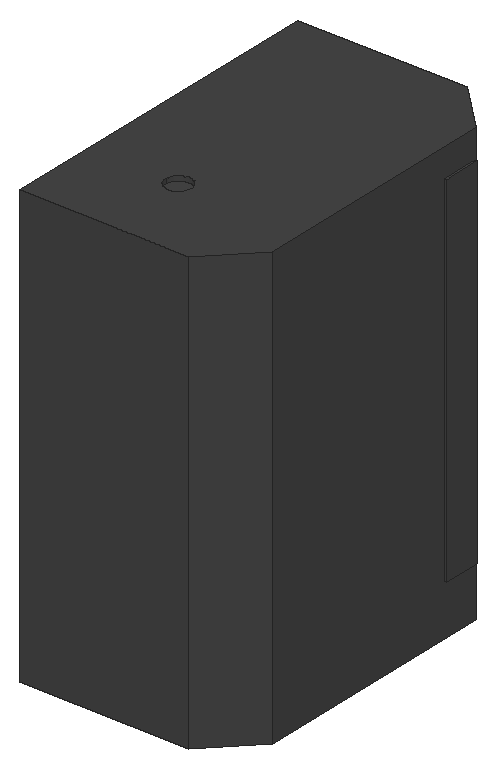
Revit family "SP4180_REVIT", category Mechanical Equipment, Revit 2014
Parameters (values of type "Standard")
  d31 = 0' - 0"
  d23 = 0' - 0"
  d21 = 0' - 0"
  d17 = 0' - 0"
  URL = "www.neptronic.com"
  Part Number = "SP4180_REVIT"
  Model = "SK302, SK304, SK306"
  Manufacturer = "Neptronic"
  Extrusion_End_2 = -d21  # 0' - 0"
  Extrusion_End_1 = -d17  # 0' - 0"
  Designer = "Antoine"
  Design Status = 1
  Description = "Electric Resistive Humidifier"
  Date Created = "2014-06-25 15:40:32"
  Connector_7_Diameter = 0' - 0"
  Connector_4_Diameter = 0' - 0"
  Connector_3_Diameter = 0' - 0"
  Connector_2_Diameter = 0' - 0"
  Author = "Antoine"
Reference planes (in)
  plane 1 "Center (Front/Back)": y = 0
  plane 2: z = 0
  plane 3 "Center (Left/Right)": x = 0
  plane 4: z = 28.01868
Forms (in)
  Sweep 1, solid
    path in 3D
      loop
        line (-2.17535, 8.63093, 28.01868) -> (-2.17535, 8.63093, 4.49868)
    profile origin (-2.17535, 8.63093, 28.01868) x (1, 0, 0) y (0, 1, 0)
      loop
        line (0, 18.50918) -> (0, 0) -> (8.99827, 0) -> (11.50019, 2.50192) -> (11.50019, 16.01644) -> (9.00745, 18.50918) -> (0, 18.50918)
  Extrusion 2, void
    sketch origin (-2.17535, 8.63093, 4.49868) x (0, -1, 0) y (-1, 0, 0)
      loop
        circle (-15.875, -8) r 0.4375
      loop
        circle (-15.875, -3.75) r 0.4375
      loop
        circle (-10.187, -2) r 0.439
      loop
        circle (-11.937, -2) r 0.5315
    from 0 to -0.25
  Extrusion 3, void
    sketch origin (-2.17535, 8.63093, 28.01868) x (0, -1, 0) y (1, 0, 0)
      loop
        circle (-4.55903, 4.79985) r 0.695
    from 0 to -0.25
  Extrusion 4, solid
    sketch origin (-2.17535, 8.63093, 4.49868) x (0, -1, 0) y (-1, 0, 0)
      loop
        circle (-4.125, -9.125) r 0.5315
    from 0 to 0.25
  Extrusion 5, solid
    sketch origin (9.32484, 11.13285, 28.01868) x (0, 0, -1) y (0, 1, 0)
      loop
        line (20.75, 13.38952) -> (1.5, 13.38952) -> (1.5, 11.38952) -> (20.75, 11.38952) -> (20.75, 13.38952)
    from 0 to 0.125
Cuts and joins
  Extrusion 2, Extrusion 3 cuts Sweep 1
  joined: Sweep 1, Extrusion 4, Extrusion 5
Lines and regions (in)
  reference lines
    curve 1: line (-2.17535, 27.14011, 28.01868) -> (-2.17535, 8.63093, 28.01868)
    curve 2: line (-2.17535, 8.63093, 28.01868) -> (6.82292, 8.63093, 28.01868)
    curve 3: line (6.82292, 8.63093, 28.01868) -> (9.32484, 11.13285, 28.01868)
    curve 4: line (9.32484, 11.13285, 28.01868) -> (9.32484, 24.64737, 28.01868)
    curve 5: line (9.32484, 24.64737, 28.01868) -> (6.8321, 27.14011, 28.01868)
    curve 6: line (6.8321, 27.14011, 28.01868) -> (-2.17535, 27.14011, 28.01868)
    curve 7: line (-2.17535, 8.63093, 28.01868) -> (-2.17535, 8.63093, 4.49868)
    curve 8: line (-2.17535, 8.63093, 28.01868) -> (-2.17535, 8.63093, 4.49868)
    curve 10: circle (5.82465, 24.50593, 4.49868) r 0.4375 normal (0, 0, -1)
    curve 11: circle (1.57465, 24.50593, 4.49868) r 0.4375 normal (0, 0, -1)
    curve 12: circle (-0.17535, 18.81793, 4.49868) r 0.439 normal (0, 0, -1)
    curve 13: circle (-0.17535, 20.56793, 4.49868) r 0.5315 normal (0, 0, -1)
    curve 14: circle (2.6245, 13.18996, 28.01868) r 0.695 normal (0, 0, 1)
    curve 15: circle (6.94965, 12.75593, 4.49868) r 0.5315 normal (0, 0, -1)
    curve 16: line (9.32484, 24.52237, 7.26868) -> (9.32484, 24.52237, 26.51868)
    curve 17: line (9.32484, 24.52237, 26.51868) -> (9.32484, 22.52237, 26.51868)
    curve 18: line (9.32484, 22.52237, 26.51868) -> (9.32484, 22.52237, 7.26868)
    curve 19: line (9.32484, 22.52237, 7.26868) -> (9.32484, 24.52237, 7.26868)
  sketch lines
    curve 9: line (-2.17535, 8.63093, 28.01868) -> (-2.17535, 8.63093, 4.49868)
Dimensions and locks (in)
  aligned and locked: plane 2 to level
  aligned and locked: Sweep 1 sketch curve to curve 1
  aligned and locked: Sweep 1 sketch curve to curve 2
  aligned and locked: Sweep 1 sketch curve to curve 3
  aligned and locked: Sweep 1 sketch curve to curve 4
  aligned and locked: Sweep 1 sketch curve to curve 5
  aligned and locked: Sweep 1 sketch curve to curve 6
  aligned and locked: curve 9 to curve 7
  aligned and locked: Extrusion 2 sketch curve to curve 10  (x2)
  aligned and locked: Extrusion 2 sketch curve to curve 11  (x2)
  aligned and locked: Extrusion 2 sketch curve to curve 12  (x2)
  aligned and locked: Extrusion 2 sketch curve to curve 13  (x2)
  aligned and locked: Extrusion 3 sketch curve to curve 14  (x2)
  aligned and locked: Extrusion 4 sketch curve to curve 15  (x2)
  aligned and locked: Extrusion 5 sketch curve to curve 16
  aligned and locked: Extrusion 5 sketch curve to curve 17
  aligned and locked: Extrusion 5 sketch curve to curve 18
  aligned and locked: Extrusion 5 sketch curve to curve 19
Connectors (in)
  piping at (6.94965, 12.75593, 4.24868), driven by "Connector_2_Diameter"
    settings: on cut or joined group of Sweep 1, Extrusion 2, Extrusion 3, Extrusion 4, Extrusion 5, index 1, connector diameter 0", connector inside diameter 24", connector length 0' - 0", flow factor 0, pipe flow 0 GPM, pressure drop 0.00 psi, fitting loss kfactor 0, connector angle 0.00°, fixture units 0, engagement length 0' - 0", angle of deflection 0.00°, flow configuration 1, flow direction 1, fitting loss method 0, system type 20, joint type 0, gender type 0, connector reference index -1, connector utility 0, adjustable connector no, is connector primary yes, connector description "Water Inlet Male 3/4'' G"
  piping at (-0.17535, 20.56793, 4.49868), driven by "Connector_3_Diameter"
    settings: on cut or joined group of Sweep 1, Extrusion 2, Extrusion 3, Extrusion 4, Extrusion 5, index 2, connector diameter 0", connector inside diameter 24", connector length 0' - 0", flow factor 0, pipe flow 0 GPM, pressure drop 0.00 psi, fitting loss kfactor 0, connector angle 0.00°, fixture units 0, engagement length 0' - 0", angle of deflection 0.00°, flow configuration 1, flow direction 2, fitting loss method 0, system type 16, joint type 0, gender type 0, connector reference index -1, connector utility 0, adjustable connector no, is connector primary no, connector description "Main drain 3/4''"
  piping at (-0.17535, 18.81793, 4.49868), driven by "Connector_4_Diameter"
    settings: on cut or joined group of Sweep 1, Extrusion 2, Extrusion 3, Extrusion 4, Extrusion 5, index 3, connector diameter 0", connector inside diameter 24", connector length 0' - 0", flow factor 0, pipe flow 0 GPM, pressure drop 0.00 psi, fitting loss kfactor 0, connector angle 0.00°, fixture units 0, engagement length 0' - 0", angle of deflection 0.00°, flow configuration 1, flow direction 2, fitting loss method 0, system type 16, joint type 0, gender type 0, connector reference index -1, connector utility 0, adjustable connector no, is connector primary no, connector description "Pan Drip drain outlet 1/2''"
  electrical at (1.57465, 24.50593, 4.49868)
    settings: on cut or joined group of Sweep 1, Extrusion 2, Extrusion 3, Extrusion 4, Extrusion 5, index 4, voltage 0 V, apparent load 0 VA, apparent load phase1 0 VA, apparent load phase2 0 VA, apparent load phase3 0 VA, power factor 1, load classification "Other", number of poles 1, system type 13, power factor state 1, is connector primary yes, connector utility no, sub classification motor no, connector description "Low volt control inlet (KO)"
  electrical at (5.82465, 24.50593, 4.49868)
    settings: on cut or joined group of Sweep 1, Extrusion 2, Extrusion 3, Extrusion 4, Extrusion 5, index 5, voltage 0 V, apparent load 0 VA, apparent load phase1 0 VA, apparent load phase2 0 VA, apparent load phase3 0 VA, power factor 0, load classification "Other", number of poles 1, system type 30, power factor state 1, is connector primary no, connector utility no, sub classification motor no, connector description "Power supply inlet (KO)"
  hvac at (2.6245, 13.18996, 28.01868), driven by "Connector_7_Diameter"
    settings: on cut or joined group of Sweep 1, Extrusion 2, Extrusion 3, Extrusion 4, Extrusion 5, index 6, duct flow 0 CFM, flow factor 0, pres drop 0.00 in-wg, loss coef 0, conn angle 0.00°, conn width 12", conn height 12", conn diameter 0", duct sys type 1, conn prof type 0, flow config 1, flow direction 2, loss method 0, conn ref index -1, conn util no, is conn primary yes, conn desc "Steam Outlet 1 3/8''"
